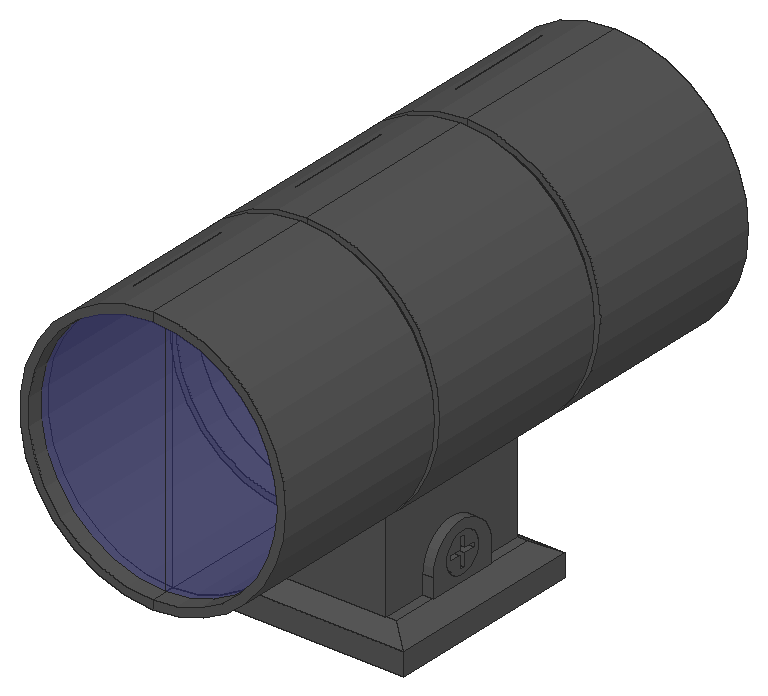
Revit family "CARLO CYLINDER LIGHT WALL MOUNT", category Lighting Fixtures, host Face, Revit 2020 (continued)
Types (10): name | Wattage_Input | Wattage Comments | Wattage | Photometric Web File | built-in parameter 1150142 | Model | built-in parameter 1150105 | Lumens | Light Length 1 | LIGHT RADIUS | LIGHT PLACEMENT | LIGHT LENGTH | LIGHT DIA | built-in parameter 1150106 | FIXED END HEIGHT | Curve base Height | Base Curve | BEAMING ANGLE | Apparent Load
     2065.7 1884.1 1713.1 1556.3 1418 1300.1 1212.3 \r\n 1136.6 1056.4 977.02 894.17 820.48 771.3 734.2 701.6 674.29 650.52 \r\n 630.28 613.04 598.54 586.53 576.5 567.96 560.73 554.58 549.15 543.98 \r\n 539.18 534.71 530.61 526.97 523.53 519.98 516.44 512.85 509.41 506.44 \r\n 503.51 500.2 496.84 493.69 490.57 487.5 484.18 480.23 475.8 471.65 \r\n 465.49 455.27 441.09 421.84 399.05 373.78 346.32 317.19 286.75 255.22 \r\n 223.61 191.93 163.33 142.66 124.77 105.68 86.736 66.186 49.422 43.584 \r\n 41.671 38.526 35.757 33.343 31.019 28.357 25.814 23.762 22.027 20.605 \r\n 19.351 18.094 16.912 15.857 14.848 13.791 12.777 11.895 11.055 10.174 \r\n 9.324 8.5617 7.855 7.1936 6.5698 5.9594 5.4023 4.9406 4.5435 4.2 \r\n 3.8937 3.5977 3.3326 3.1159 2.9307 2.7668 2.6216 2.4902 2.3693 2.2534 \r\n 2.1449 2.0444 1.9522 1.8693 1.7933 1.7228 1.6561 1.5911 1.5268 1.4595 \r\n 1.3942 1.3362 1.2813 1.2265 1.1729 1.1208 1.0699 1.0212 0.97208 0.91888 \r\n 0.86593 0.81725 0.77013 0.72211 0.67654 0.63769 0.60029 0.55924 0.5184 0.48063 \r\n 0.44391 0.40624 0.37039 0.3391 0.31036 0.28273 0.25727 0.23707 0.21798 0.19728 \r\n 0.17376 0.14688 0.1119 0.053668 0.00282 0 0 0 0 0 \r\n 0 0 0 0 0 0.00094743 0.01164 0.04782 0.089605 0.11964 \r\n 0.1461 0.17025 0.1954 0.22712 0.25989 0.28872 0.31751 0.35008 0.38159 0.40641 \r\n 0.43094 0.46052 0.49277 0.52626 0.56344 0.60802 0.65475 0.69875 0.74257 0.78627 \r\n 0.8325 0.88637 0.94064 0.98747 1.0338 1.0848 1.1381 1.1933 1.2501 1.3072 \r\n 1.3662 1.4296 1.4932 1.5511 1.6097 1.6736 1.7423 1.8171 1.8977 1.984 \r\n 2.0773 2.1779 2.2884 2.4122 2.5468 2.6878 2.8454 3.0284 3.237 3.4762 \r\n 3.7404 4.0169 4.3321 4.7109 5.1449 5.6275 6.1781 6.8257 7.5342 8.2786 \r\n 9.0544 9.8397 10.663 11.551 12.486 13.455 14.456 15.489 16.531 17.53 \r\n 18.585 19.819 21.1 22.21 23.525 25.38 27.683 30.55 33.698 36.855 \r\n 40.103 42.597 46.84 54.9 67.233 85.648 108.15 133.47 161.2 190.82 \r\n 221.33 251.42 281.5 311.85 341.45 369.58 395.5 418.65 437.65 450.11 \r\n 458.46 463.99 467.82 471.66 474.94 477.58 479.82 481.78 483.74 486.15 \r\n 488.67 490.95 493.38 496.35 499.52 502.67 505.84 509.02 512.17 515.09 \r\n 518.29 522.31 526.83 531.68 536.97 542.62 549.07 556.67 565.61 576 \r\n 588.42 603.5 621.16 641.07 664.64 692.87 726.69 766.96 814.91 872.07 \r\n 938.42 1014.4 1100.1 1194.8 1302.1 1424.9 1564.5 1725.1 1900.7 2086.5 \r\n 2281.7 2485.5 2693.4 2899.9 3107.7 3318.9 3530.1 3739.8 3944.3 4140.4 \r\n 4324.7 4491.1 4643.7 4784.5 4912.5 5028.1 5129.7 5214.1 5286.3 5350.8 \r\n 5509.6 \r\n5444.5 5446.5 5400.7 5346.4 5281.9 5207.4 5118.9 5011 4888 4751.1 \r\n 4604 4452.7 4291.2 4112.9 3925.1 3733.4 3536.2 3332.6 3126.4 2919.9 \r\n 2716 2519.1 2326.2 2133.6 1948 1773.9 1613.7 1470.5 1346.3 1249 \r\n 1164.1 1078 994.94 911.26 837.43 786.48 747.18 712.35 682.91 657.41 \r\n 635.72 617.28 601.85 589.19 578.68 569.64 561.97 555.43 549.72 544.45 \r\n 539.67 535.32 531.38 527.86 524.56 521.26 517.95 514.47 511.04 507.97 \r\n 504.92 501.55 498.13 494.91 491.72 488.59 485.21 481.2 476.77 472.6 \r\n 466.83 458.05 445.48 427.28 405.26 380.58 353.48 324.4 293.98 262.82 \r\n 231.59 200.37 171.61 149.13 129.03 108.28 88.148 67.28 50.536 44.616 \r\n 42.646 39.444 36.631 34.191 31.852 29.212 26.644 24.398 22.448 20.918 \r\n 19.607 18.345 17.167 16.063 15.01 13.969 12.977 12.082 11.224 10.34 \r\n 9.4904 8.7283 8.0162 7.3292 6.6818 6.0756 5.5236 5.0432 4.6222 4.2591 \r\n 3.9384 3.6405 3.3755 3.1508 2.9555 2.7821 2.6287 2.4926 2.3682 2.2475 \r\n 2.1352 2.0344 1.9422 1.8567 1.7779 1.7062 1.6385 1.5722 1.5067 1.4391 \r\n 1.3737 1.315 1.2593 1.2037 1.1499 1.099 1.0492 0.99855 0.94779 0.89652 \r\n 0.84614 0.79869 0.75186 0.70239 0.65518 0.61586 0.579 0.54009 0.50195 0.46631 \r\n 0.43183 0.39725 0.36402 0.33355 0.30465 0.27588 0.24945 0.22972 0.21127 0.19003 \r\n 0.16643 0.1415 0.10947 0.055564 0.0078068 0 0 0 0 0 \r\n 0 0 0 0 0.000000 0.0098719 0.029078 0.064629 0.10375 0.13399 \r\n 0.16141 0.18697 0.21352 0.24577 0.27906 0.3094 0.33951 0.37183 0.40309 0.4297 \r\n 0.45658 0.48803 0.52242 0.55947 0.59944 0.64338 0.68862 0.73202 0.77599 0.82154 \r\n 0.86975 0.924 0.97847 1.0264 1.0739 1.1254 1.1789 1.234 1.2906 1.3478 \r\n 1.4066 1.4686 1.531 1.5893 1.6489 1.7137 1.783 1.8574 1.9375 2.0235 \r\n 2.1163 2.2161 2.3256 2.4485 2.5821 2.7216 2.8779 3.0602 3.2696 3.5123 \r\n 3.7811 4.0634 4.3827 4.7593 5.1918 5.6816 6.2399 6.8876 7.5965 8.3483 \r\n 9.1344 9.9327 10.766 11.652 12.582 13.554 14.559 15.596 16.641 17.637 \r\n 18.689 19.936 21.223 22.315 23.6 25.411 27.676 30.538 33.683 36.814 \r\n 40.013 42.146 46.562 56.786 71.147 89.127 110.79 136.52 164.88 194.86 \r\n 225.66 256.07 286.37 316.76 346.29 374.41 400.19 422.92 441.28 452.7 \r\n 460.12 465.37 469.18 473.06 476.4 478.97 481.15 483.25 485.35 487.7 \r\n 490.14 492.48 494.98 497.91 501.03 504.15 507.31 510.52 513.69 516.57 \r\n 519.68 523.57 527.91 532.46 537.47 542.98 549.34 556.82 565.6 575.75 \r\n 587.87 602.6 619.91 639.52 662.78 690.64 723.96 762.82 810.51 871.91 \r\n 942.35 1018.3 1101.3 1188.9 1289 1409.5 1548.1 1707.1 1880.8 2064.9 \r\n 2258.6 2461 2668.5 2876.5 3086.5 3299.4 3512.5 3724.6 3931.1 4127.5 \r\n 4311.8 4479.5 4633.5 4775.4 4904.5 5020.9 5123.2 5208.7 5281.9 5346.9 \r\n 5509.6 \r\n5444.5 5449.4 5408.2 5358.5 5298.5 5227.6 5143.3 5041.7 4925 4792.5 \r\n 4649.4 4502.4 4345.5 4173 3990.6 3802.4 3607.9 3406.9 3202.8 2998.6 \r\n 2796 2598.3 2403.1 2206.8 2017.1 1840.1 1676.4 1528.1 1396.9 1288.6 \r\n 1192.9 1100.3 1013.5 929.86 856.71 803.69 761.63 724.31 692.53 665.12 \r\n 641.82 622.06 605.58 592.18 581.08 571.46 563.28 556.28 550.23 544.82 \r\n 540.04 535.82 532.04 528.61 525.43 522.4 519.35 515.98 512.58 509.43 \r\n 506.26 502.85 499.42 496.19 492.99 489.84 486.45 482.43 478.05 473.92 \r\n 468.59 461.38 450.61 433.66 412.63 388.62 361.92 332.87 302.48 271.73 \r\n 240.94 210.17 181.15 156.42 133.63 110.89 89.423 68.567 52.184 46.029 \r\n 43.763 40.477 37.637 35.151 32.78 30.163 27.576 25.132 22.957 21.295 \r\n 19.904 18.631 17.458 16.301 15.199 14.173 13.205 12.294 11.417 10.531 \r\n 9.684 8.9195 8.1982 7.4831 6.8101 6.2082 5.6613 5.1606 4.7133 4.3288 \r\n 3.9921 3.6918 3.4266 3.1924 2.9856 2.8016 2.6389 2.4973 2.3687 2.2428 \r\n 2.1265 2.0252 1.9329 1.8443 1.7622 1.689 1.6203 1.5523 1.4855 1.4178 \r\n 1.3524 1.2929 1.2362 1.1799 1.1257 1.0761 1.0271 0.9744 0.92188 0.87269 \r\n 0.82512 0.77916 0.73283 0.68193 0.63305 0.59327 0.55694 0.52021 0.48486 0.45169 \r\n 0.41978 0.38838 0.35782 0.32829 0.29938 0.26963 0.24226 0.22255 0.20427 0.18224 \r\n 0.15854 0.13574 0.10711 0.058666 0.014796 0.0016281 0 0 0 0 \r\n 0 0 0 0 0 0.019569 0.048095 0.083213 0.11974 0.15041 \r\n 0.17908 0.20643 0.23467 0.26746 0.30119 0.33302 0.36434 0.39609 0.4269 0.45611 \r\n 0.48623 0.51965 0.55616 0.59715 0.64019 0.68315 0.72653 0.76948 0.81385 0.86132 \r\n 0.9115 0.96595 1.0205 1.0698 1.1188 1.1709 1.2247 1.2798 1.3362 1.3935 \r\n 1.4521 1.5126 1.5736 1.633 1.6942 1.7602 1.8303 1.9047 1.9844 2.0704 \r\n 2.1631 2.2624 2.3712 2.4935 2.6265 2.765 2.9206 3.1027 3.3132 3.5598 \r\n 3.8343 4.124 4.4497 4.8257 5.2583 5.7583 6.3268 6.9749 7.6844 8.4458 \r\n 9.2446 10.058 10.902 11.787 12.713 13.688 14.698 15.739 16.787 17.783 \r\n 18.837 20.093 21.386 22.466 23.731 25.512 27.75 30.609 33.747 36.832 \r\n 40.003 41.915 46.697 59.306 75.909 93.602 114.56 140.79 169.88 200.29 \r\n 231.44 262.23 292.79 323.18 352.59 380.61 406.09 428.18 445.67 455.99 \r\n 462.46 467.4 471.16 475.05 478.43 480.89 483.01 485.25 487.5 489.82 \r\n 492.19 494.62 497.2 500.12 503.18 506.26 509.4 512.66 515.89 518.77 \r\n 521.83 525.6 529.76 534.02 538.77 544.19 550.51 557.94 566.63 576.62 \r\n 588.54 603 620.05 639.52 662.64 690.34 723.4 761.12 808.87 874.87 \r\n 949.82 1026.3 1106.9 1187.8 1281.3 1400.1 1538.3 1695.9 1868.4 2051.4 \r\n 2244.1 2445.3 2652.2 2861.6 3073.7 3288.4 3503.2 3717.7 3926 4122.2 \r\n 4306.1 4474.8 4630 4772.8 4902.5 5019.4 5122.2 5208.3 5282 5347 \r\n 5509.6 \r\n5444.5 5452.4 5416 5370.9 5315.5 5248.4 5168.3 5073.2 4963.1 4835.5 \r\n 4696.5 4553.9 4401.6 4234.8 4057.9 3873.5 3682 3483.7 3282 3080.2 \r\n 2878.8 2680 2482.4 2282.7 2089.2 1909.4 1742.2 1588.7 1450.3 1330.4 \r\n 1223.3 1123.9 1033.4 950.28 878.22 822.68 777.25 737.21 703 673.55 \r\n 648.53 627.36 609.74 595.5 583.74 573.47 564.72 557.21 550.78 545.2 \r\n 540.39 536.26 532.62 529.23 526.12 523.34 520.55 517.28 513.91 510.69 \r\n 507.44 504.01 500.59 497.4 494.26 491.12 487.74 483.77 479.5 475.44 \r\n 470.58 464.94 455.99 440.51 420.65 397.4 371.15 342.18 311.82 281.52 \r\n 251.17 220.81 191.45 164.33 138.71 113.82 90.974 70.373 54.548 47.897 \r\n 45.017 41.602 38.757 36.201 33.777 31.181 28.579 25.95 23.557 21.738 \r\n 20.239 18.947 17.775 16.563 15.414 14.399 13.451 12.524 11.626 10.742 \r\n 9.8974 9.1278 8.3941 7.6512 6.9533 6.354 5.8103 5.2889 4.8153 4.4087 \r\n 4.0551 3.7512 3.4844 3.2398 3.0206 2.8254 2.6532 2.5056 2.3725 2.2414 \r\n 2.121 2.0191 1.9264 1.8347 1.7491 1.6741 1.6041 1.5345 1.4665 1.3989 \r\n 1.3337 1.2733 1.2155 1.1585 1.1041 1.0554 1.007 0.95226 0.89811 0.85094 \r\n 0.80611 0.76166 0.71592 0.66386 0.61357 0.57337 0.53752 0.50275 0.46997 0.43921 \r\n 0.40982 0.38138 0.35328 0.32475 0.29594 0.26545 0.23722 0.21714 0.19856 0.17559 \r\n 0.15175 0.13109 0.10604 0.063672 0.024014 0.0068802 0 0 0 0 \r\n 0 0 0 0 0 0.029271 0.067206 0.10221 0.13651 0.16787 \r\n 0.19802 0.22747 0.25766 0.29098 0.32505 0.35826 0.3907 0.42172 0.45201 0.4842 \r\n 0.51792 0.55317 0.59152 0.63626 0.68221 0.72401 0.76542 0.80812 0.85307 0.90238 \r\n 0.95433 1.0087 1.0632 1.1139 1.1645 1.2173 1.2715 1.3267 1.3831 1.4406 \r\n 1.4991 1.5579 1.6178 1.6786 1.7419 1.8091 1.8802 1.955 2.0349 2.1212 \r\n 2.2141 2.3134 2.4221 2.5443 2.6773 2.8158 2.9717 3.1544 3.3666 3.6172 \r\n 3.8975 4.1965 4.5307 4.9086 5.344 5.8563 6.437 7.0869 7.7982 8.5707 \r\n 9.3836 10.212 11.068 11.953 12.878 13.858 14.874 15.917 16.968 17.969 \r\n 19.027 20.289 21.584 22.656 23.909 25.675 27.903 30.771 33.918 36.951 \r\n 40.151 42.093 47.499 62.541 81.442 99.136 119.67 146.5 176.34 207.19 \r\n 238.69 269.86 300.66 330.99 360.16 387.88 412.86 434 450.39 459.59 \r\n 465.13 469.77 473.46 477.32 480.7 483.07 485.14 487.52 489.92 492.23 \r\n 494.59 497.11 499.79 502.7 505.73 508.75 511.87 515.19 518.49 521.41 \r\n 524.46 528.12 532.12 536.15 540.68 546.06 552.39 559.81 568.49 578.44 \r\n 590.27 604.58 621.51 640.98 664.16 691.9 724.96 761.96 810.06 880.41 \r\n 959.64 1036.8 1115.8 1191.4 1279.6 1397.3 1535.7 1692.6 1864.3 2047.1 \r\n 2239.6 2439.8 2646.1 2856.8 3070.7 3286.7 3503 3719.4 3929.1 4124.8 \r\n 4307.9 4477.2 4633.3 4776.4 4906.4 5023.3 5126.1 5212.3 5285.9 5350.5 \r\n 5509.6 \r\n5444.5 5455.1 5423.3 5382.8 5331.8 5268.6 5192.8 5104.1 5000.6 4877.9 \r\n 4743.5 4605 4457 4295.9 4124.5 3944 3755.7 3560.3 3360.9 3161.4 \r\n 2961.2 2761.3 2561.4 2358.8 2162.1 1979.6 1809 1650.4 1504.8 1373.6 \r\n 1255.5 1149.4 1055.3 972.83 901.88 843.19 793.73 750.83 714.15 682.6 \r\n 655.81 633.16 614.35 599.19 586.67 575.72 566.36 558.32 551.48 545.68 \r\n 540.79 536.7 533.13 529.73 526.63 524.03 521.43 518.26 514.92 511.65 \r\n 508.35 504.92 501.54 498.45 495.4 492.3 488.97 485.09 480.97 477.01 \r\n 472.61 468.39 461.17 447.3 428.84 406.44 380.69 351.89 321.63 291.76 \r\n 261.81 231.77 202.01 172.68 144.42 117.43 93.216 73.025 57.808 50.294 \r\n 46.402 42.796 39.973 37.321 34.823 32.237 29.623 26.837 24.246 22.248 \r\n 20.61 19.284 18.106 16.844 15.652 14.642 13.707 12.764 11.849 10.965 \r\n 10.124 9.3455 8.5972 7.8299 7.1103 6.5099 5.9655 5.4243 4.9264 4.4983 \r\n 4.1276 3.8181 3.5476 3.2918 3.06 2.854 2.6725 2.5188 2.3811 2.2452 \r\n 2.1213 2.0184 1.9251 1.8301 1.7411 1.6643 1.5929 1.5219 1.4528 1.3855 \r\n 1.3207 1.2594 1.2006 1.1431 1.0885 1.0403 0.99217 0.93569 0.88027 0.83484 \r\n 0.79235 0.74919 0.70403 0.65131 0.60014 0.55964 0.52413 0.49087 0.4601 0.43158 \r\n 0.40404 0.37798 0.3519 0.32431 0.29576 0.26482 0.23589 0.21506 0.19572 0.17173 \r\n 0.14773 0.12908 0.10745 0.07128 0.035687 0.013358 0 0 0 0 \r\n 0 0 0 0 0.00096539 0.038753 0.08493 0.12021 0.15301 0.18531 \r\n 0.21712 0.24895 0.28129 0.31512 0.34941 0.38383 0.41726 0.44757 0.4775 0.51258 \r\n 0.54967 0.58636 0.62603 0.67378 0.72202 0.76262 0.80226 0.84493 0.89061 0.94149 \r\n 0.99484 1.0489 1.103 1.1551 1.2072 1.2609 1.3155 1.3709 1.4274 1.4852 \r\n 1.5436 1.601 1.66 1.7226 1.7883 1.8568 1.9288 2.0045 2.0853 2.1724 \r\n 2.266 2.3657 2.4749 2.5978 2.7319 2.8719 3.0296 3.2137 3.4281 3.6824 \r\n 3.9688 4.2785 4.6237 5.0069 5.4483 5.9746 6.569 7.2229 7.9382 8.7228 \r\n 9.5502 10.394 11.262 12.151 13.076 14.063 15.085 16.13 17.184 18.193 \r\n 19.258 20.521 21.813 22.879 24.127 25.893 28.132 31.035 34.225 37.215 \r\n 40.531 42.869 49.224 66.57 87.666 105.79 126.36 153.85 184.39 215.63 \r\n 247.43 278.92 309.88 340.02 368.77 395.96 420.14 439.97 454.99 463.09 \r\n 467.82 472.16 475.79 479.57 482.91 485.22 487.27 489.77 492.31 494.66 \r\n 497.05 499.69 502.48 505.41 508.41 511.38 514.46 517.85 521.24 524.23 \r\n 527.3 530.88 534.74 538.61 543.01 548.4 554.78 562.25 570.99 581.01 \r\n 592.92 607.23 624.18 643.84 667.26 695.27 728.6 765.45 814.18 887.98 \r\n 970.64 1048.8 1127.1 1199.6 1284.5 1402 1540.9 1697.8 1869.6 2053.2 \r\n 2246.4 2445.9 2651.7 2863.2 3078.3 3295.5 3512.8 3730.4 3940.8 4135.7 \r\n 4317.7 4487 4643.2 4786.2 4915.9 5032.4 5134.6 5220.2 5293 5356.4 \r\n 5509.6 \r\n5444.5 5454.3 5425.6 5387.9 5339.9 5281 5209.8 5125.5 5026.4 4908 \r\n 4777.7 4642.6 4498.1 4341.4 4174.5 3998 3813 3619.2 3420.7 3221.6 \r\n 3021.6 2821.5 2621.3 2418.7 2221.1 2036.1 1861.9 1699 1548.5 1411.4 \r\n 1287.6 1177.3 1080.5 998.69 927.84 863.69 808.12 762.51 724.17 690.88 \r\n 662.61 638.73 618.87 602.79 589.51 577.96 568.14 559.72 552.58 546.54 \r\n 541.44 537.19 533.47 529.84 526.53 523.77 521.07 517.91 514.62 511.35 \r\n 508.07 504.73 501.48 498.57 495.69 492.63 489.35 485.66 481.75 477.9 \r\n 473.76 470.05 463.78 451.85 435.27 413.59 388.14 359.61 329.51 299.82 \r\n 269.9 239.66 209.54 179.77 150.89 122.69 97.54 78.026 63.194 53.486 \r\n 47.311 43.618 41.233 38.466 35.807 33.207 30.596 27.771 25.076 22.802 \r\n 20.897 19.506 18.333 17.074 15.887 14.853 13.893 12.949 12.039 11.159 \r\n 10.314 9.518 8.752 7.9854 7.2662 6.6477 6.0831 5.5338 5.0292 4.5882 \r\n 4.204 3.8845 3.6047 3.3381 3.0967 2.8848 2.6993 2.5422 2.4022 2.266 \r\n 2.1421 2.0384 1.9437 1.8468 1.7559 1.6778 1.6057 1.5348 1.4665 1.4005 \r\n 1.3367 1.2749 1.2155 1.159 1.1053 1.0558 1.0061 0.94991 0.89511 0.84967 \r\n 0.80703 0.76354 0.71846 0.66727 0.61759 0.57719 0.54113 0.50687 0.47507 0.44587 \r\n 0.41827 0.39161 0.36504 0.33784 0.30985 0.2793 0.25026 0.22802 0.20708 0.18209 \r\n 0.1579 0.14058 0.12117 0.089263 0.055282 0.024637 0.0019851 0 0.000041 0 \r\n 0 0 0 0 0.0091519 0.046 0.090476 0.12641 0.16065 0.19463 \r\n 0.22842 0.26268 0.2971 0.33161 0.36617 0.40118 0.43524 0.46614 0.49679 0.53259 \r\n 0.57002 0.60607 0.64456 0.69062 0.7373 0.77721 0.81677 0.86015 0.90671 0.95824 \r\n 1.0116 1.0639 1.1164 1.1692 1.2225 1.2767 1.3319 1.3882 1.4455 1.5037 \r\n 1.5623 1.6192 1.6782 1.7429 1.8108 1.8795 1.952 2.0308 2.1149 2.2037 \r\n 2.2988 2.4004 2.5123 2.6389 2.7777 2.925 3.0896 3.2772 3.4937 3.7479 \r\n 4.0373 4.3607 4.7233 5.1227 5.5796 6.1194 6.7265 7.3937 8.1217 8.9169 \r\n 9.7543 10.607 11.486 12.389 13.328 14.324 15.352 16.397 17.449 18.465 \r\n 19.533 20.785 22.058 23.088 24.313 26.088 28.388 31.495 34.834 37.425 \r\n 40.77 44.831 53.254 71.781 94.095 114.34 136.86 165.14 195.95 227.26 \r\n 258.98 290.53 321.38 350.91 378.71 404.68 427.23 444.58 457.29 464.45 \r\n 468.82 473.03 476.63 480.22 483.39 485.78 487.98 490.54 493.17 495.73 \r\n 498.36 501.2 504.13 507.12 510.13 513.05 516.08 519.48 522.94 526.09 \r\n 529.3 532.83 536.65 540.66 545.23 550.68 557.1 564.64 573.55 583.97 \r\n 596.35 611.09 628.48 648.59 672.52 701.19 735.22 773 822.01 893.61 \r\n 974.51 1054.1 1135.7 1213.8 1304.1 1423.1 1562.8 1721.5 1896 2083.5 \r\n 2280.2 2480.9 2686.5 2896.9 3110.6 3327.4 3544.1 3759.8 3968.2 4162.4 \r\n 4343.7 4511.2 4665.3 4806.4 4934.2 5049.1 5149.4 5232.3 5302.2 5363.1 \r\n 5509.6 \r\n5444.5 5453 5427.2 5392 5347 5292.4 5225.9 5145.7 5050.7 4936.8 \r\n 4810.8 4679 4537.9 4385.3 4222.7 4050.4 3868.8 3676.7 3479.1 3280.4 \r\n 3080.4 2880.3 2680.2 2478.1 2280.5 2093 1915.2 1748.3 1593.1 1451.1 \r\n 1322.6 1208.3 1108.6 1027 955.67 885.6 823.59 775.15 735.1 699.99 \r\n 670.18 644.99 624.02 606.93 592.79 580.6 570.28 561.46 553.99 547.64 \r\n 542.27 537.79 533.83 529.92 526.34 523.33 520.47 517.3 514.05 510.8 \r\n 507.55 504.32 501.22
